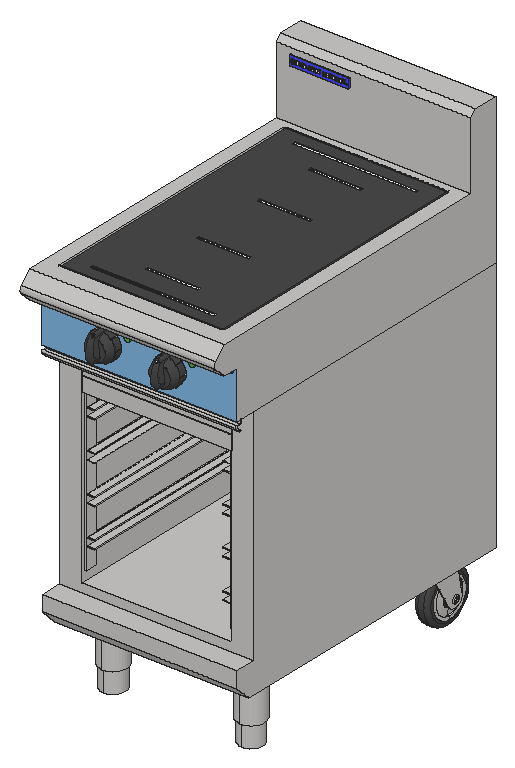
Revit family "QF_Moffat_IN512F-CB_Induction_Cooktop_cat", category Specialty Equipment, Revit 2019
Family settings
  Round Connector Dimension = Use Diameter
  Part Type = Normal
  Work Plane-Based = No
  Always vertical = Yes
  Cut with Voids When Loaded = No
  Shared = No
  Room Calculation Point = No
Parameters (values of type "IN512F-CB")
  Weight in Kilograms = 88
  Watts = 5810 W
  Volts = 415 V
  URL Cutsheet = ""
  Specification by User = ""
  Specification by Manufacturer = ""
  Show Logo [instance] = yes
  Show Legs [instance] = not(Show Castors)  # no
  Show Castors [instance] = yes
  Serial Number = ""
  Seismic Rating = ""
  SMACNA No = ""
  Revision Code = ""
  Phase = 3
  Number of Poles = 1
  NAFEM Spec ID Number = ""
  Model = "IN512F-CB"
  Min Ckt Ampacity = 0 A
  Max Overcurrent Protection = 0 A
  Masterspec = ""
  Manufacturer = "Moffat"
  Length = 450 mm
  Item Number = ""
  Installed By = ""
  Identify Quantity as Lot = yes
  Height = 1085 mm
  HP = ""
  Furnished By = ""
  Foodservice Equipment Identifier = yes
  FL Amps = 14 A
  Electrical Remarks = ""
  Electric Connection Type = ""
  Elec Conn RI Height = 0 mm
  Elec Conn Connection Height = 0 mm
  Description = "Induction Cooktop"
  Depth = 812.2 mm
  Cycle = 60 Hz
  Conn Plug = ""
  Conn Conduit = yes
  CSI MasterFormat = ""
  Apparent Power = if(Phase = 3, Volts * FL Amps * 1.73, Volts * FL Amps)  # 10051.3 VA
Reference planes
  plane 1 "BACK": y = 0
  plane 2: z = 0
  plane 3 "LEFT": x = 0
  plane 4 "RIGHT": x = 450
  plane 5 "FRONT": y = -812.2
  plane 6 "TOP": z = 1085
  plane 7 "Center Y": x = 225
  plane 8 "Center X": y = -406.1
  plane 9: x = 65.5
  plane 10: x = 384.5
  plane 11: y = -30
  plane 12: x = 320
  plane 13: z = 635
  plane 14: y = -100
  plane 15: y = -625
  plane 16: z = 150
Forms (mm)
  Extrusion 1, solid, material "QF_Metal_Stainless_Polished"
    sketch origin (0, 0, 560) x (0, 1, 0) y (0, 0, 1)
      loop
        line (0, 180) -> (0, 525) -> (-57, 525) -> (-70, 512) -> (-70, 354.5) -> (-784.171, 354.5) -> (-808.685, 329.985)
        arc (-808.685, 329.985) -> (-812.2, 321.5) -> (-808.685, 313.015) r 12
        line (-808.685, 313.015) -> (-785.171, 289.5) -> (-749, 289.5) -> (-749, 180) -> (0, 180)
    from 0 to 450
  Extrusion 2, void
    sketch origin (0, -784.171, 914.5) x (0, 1, 0) y (-1, 0, 0)
      loop
        arc (696.671, -39.5) -> (694.913, -35.257) -> (690.671, -33.5) r 6
        line (690.671, -33.5) -> (44.671, -33.5)
        arc (44.671, -33.5) -> (40.428, -35.257) -> (38.671, -39.5) r 6
        line (38.671, -39.5) -> (38.671, -410.5)
        arc (38.671, -410.5) -> (40.428, -414.743) -> (44.671, -416.5) r 6
        line (44.671, -416.5) -> (690.671, -416.5)
        arc (690.671, -416.5) -> (694.913, -414.743) -> (696.671, -410.5) r 6
        line (696.671, -410.5) -> (696.671, -39.5)
    from 0 to -9.5
  Extrusion 3, solid, material "QF_Plastic_White_Smooth"
    sketch origin (0, -784.171, 905) x (0, 1, 0) y (-1, 0, 0)
      loop
        line (663.271, -82.5) -> (657.271, -82.5) -> (657.271, -367.5) -> (663.271, -367.5) -> (663.271, -82.5)
      loop
        line (605.671, -165) -> (599.671, -165) -> (599.671, -285) -> (605.671, -285) -> (605.671, -165)
      loop
        line (459.171, -165) -> (453.171, -165) -> (453.171, -285) -> (459.171, -285) -> (459.171, -165)
      loop
        line (282.171, -165) -> (276.171, -165) -> (276.171, -285) -> (282.171, -285) -> (282.171, -165)
      loop
        line (135.671, -165) -> (129.671, -165) -> (129.671, -285) -> (135.671, -285) -> (135.671, -165)
      loop
        line (78.071, -82.5) -> (72.071, -82.5) -> (72.071, -367.5) -> (78.071, -367.5) -> (78.071, -82.5)
    from 0 to 9.5
  Extrusion 4, solid, material "QF_Plastic_Black_Smooth"
    sketch origin (0, -784.171, 914.5) x (0, 1, 0) y (-1, 0, 0)
      loop
        line (692.671, -410.5) -> (692.671, -39.5)
        arc (692.671, -39.5) -> (692.085, -38.086) -> (690.671, -37.5) r 2
        line (690.671, -37.5) -> (44.671, -37.5)
        arc (44.671, -37.5) -> (43.256, -38.086) -> (42.671, -39.5) r 2
        line (42.671, -39.5) -> (42.671, -410.5)
        arc (42.671, -410.5) -> (43.256, -411.914) -> (44.671, -412.5) r 2
        line (44.671, -412.5) -> (690.671, -412.5)
        arc (690.671, -412.5) -> (692.085, -411.914) -> (692.671, -410.5) r 2
      loop
        line (663.271, -367.5) -> (663.271, -82.5) -> (657.271, -82.5) -> (657.271, -367.5) -> (663.271, -367.5)
      loop
        line (605.671, -285) -> (605.671, -165) -> (599.671, -165) -> (599.671, -285) -> (605.671, -285)
      loop
        line (459.171, -285) -> (459.171, -165) -> (453.171, -165) -> (453.171, -285) -> (459.171, -285)
      loop
        line (282.171, -285) -> (282.171, -165) -> (276.171, -165) -> (276.171, -285) -> (282.171, -285)
      loop
        line (135.671, -285) -> (135.671, -165) -> (129.671, -165) -> (129.671, -285) -> (135.671, -285)
      loop
        line (78.071, -367.5) -> (78.071, -82.5) -> (72.071, -82.5) -> (72.071, -367.5) -> (78.071, -367.5)
    from 0 to -9.5
  Extrusion 5, solid, material "QF_Metal_Stainless_Polished"
    sketch origin (0, 0, 600) x (0, 1, 0) y (0, 0, 1)
      loop
        line (-737.8, 140) -> (-737.8, 130) -> (-747.305, 130)
        arc (-747.305, 130) -> (-750.276, 128.015) -> (-749.579, 124.511) r 3.215
        line (-749.579, 124.511) -> (-739.05, 113.982) -> (-737.919, 115.113) -> (-748.447, 125.642)
        arc (-748.447, 125.642) -> (-748.797, 127.403) -> (-747.305, 128.4) r 1.615
        line (-747.305, 128.4) -> (-736.2, 128.4) -> (-736.2, 140) -> (-737.8, 140)
    from 0 to 450
  Extrusion 6, solid, material "QF_Plastic_Black_Smooth"
    sketch origin (0, -749, 741.875) x (0, 0, 1) y (-1, 0, 0)
      loop
        circle (99.343, -13.157) r 5
      loop
        circle (99.343, -436.843) r 5
      loop
        circle (99.343, -150) r 5
      loop
        circle (99.343, -300) r 5
    from 0 to 1.6
  Extrusion 7, solid, material "QF_Metal_Stainless_Polished"
    sketch origin (0, -699, 640) x (0, 1, 0) y (1, 0, 0)
      loop
        circle (669, 320) r 6.35
    from 0 to 1.6
  Extrusion 8, solid, material "QF_Metal_Stainless_Polished"
    sketch origin (0, -699, 645) x (1, 0, 0) y (0, -1, 0)
      loop
        line (0, -699) -> (450, -699) -> (450, 0) -> (399.2, 0) -> (399.2, -25.4) -> (50.8, -25.4) -> (50.8, 0) -> (0, 0) -> (0, -699)
    from 5 to -95
  Extrusion 9, solid, material "QF_Metal_Stainless_Polished"
    sketch origin (50.8, -30, 645) x (0, 1, 0) y (0, 0, 1)
      loop
        line (-669, -5) -> (-643.6, -5) -> (-643.6, 27.7) -> (-669, 27.7) -> (-669, -5)
      loop
        line (-669, 28.7) -> (-643.6, 28.7) -> (-643.6, 61.4) -> (-669, 61.4) -> (-669, 28.7)
      loop
        line (-669, 62.4) -> (-643.6, 62.4) -> (-643.6, 95) -> (-669, 95) -> (-669, 62.4)
    from 0 to 348.4
  Revolve 10, solid, material "QF_Metal_Stainless_Polished"
    sketch origin (65.5, -4572, 255.2) x (0, 0, -1) y (0, -1, 0)
      loop
        line (255.2, -3974.5) -> (255.2, -3947) -> (105.2, -3947) -> (105.2, -3978.75) -> (205.2, -3978.75) -> (205.2, -3974.5) -> (255.2, -3974.5)
      axis (105.2, -3947) -> (255.2, -3947)
    angle from 0 to 360
  Revolve 11, solid, material "QF_Metal_Stainless_Polished"
    sketch origin (384.5, -4572, 255.2) x (0, 0, -1) y (0, 1, 0)
      loop
        line (255.2, 3974.5) -> (205.2, 3974.5) -> (205.2, 3978.75) -> (105.2, 3978.75) -> (105.2, 3947) -> (255.2, 3947) -> (255.2, 3974.5)
      axis (105.2, 3947) -> (255.2, 3947)
    angle from 0 to 360
  Extrusion 12, solid, material "QF_Metal_Stainless_Polished"
    sketch origin (0, 0, 0) x (0, 1, 0) y (0, 0, 1)
      loop
        line (-50.8, 150) -> (-50.8, 242.5) -> (-699, 242.5) -> (-699, 222.5) -> (-747.95, 222.5) -> (-747.95, 186) -> (-711.95, 150) -> (-50.8, 150)
    from 0 to 450
  Extrusion 13, solid, material "QF_Metal_Stainless_Polished"
    sketch origin (-6096, 120, 150) x (0, 1, 0) y (-1, 0, 0)
      loop
        line (-120, -6096) -> (-819, -6096) -> (-819, -6146.8) -> (-170.8, -6146.8) -> (-170.8, -6495.2) -> (-819, -6495.2) -> (-819, -6546) -> (-120, -6546) -> (-120, -6096)
    from 0 to 490
  Extrusion 14, solid, material "QF_Metal_Stainless_Polished"
    sketch origin (50.8, -50.8, 460) x (0, 0, 1) y (1, 0, 0)
      loop
        line (127.5, 25.4) -> (127.5, 6.4) -> (147.5, 6.4) -> (147.5, 25.4) -> (145.9, 25.4) -> (145.9, 8) -> (129.1, 8) -> (129.1, 25.4) -> (127.5, 25.4)
      loop
        line (37.5, 25.4) -> (37.5, 6.4) -> (57.5, 6.4) -> (57.5, 25.4) -> (55.9, 25.4) -> (55.9, 8) -> (39.1, 8) -> (39.1, 25.4) -> (37.5, 25.4)
      loop
        line (-52.5, 25.4) -> (-52.5, 6.4) -> (-32.5, 6.4) -> (-32.5, 25.4) -> (-34.1, 25.4) -> (-34.1, 8) -> (-50.9, 8) -> (-50.9, 25.4) -> (-52.5, 25.4)
      loop
        line (-142.5, 25.4) -> (-142.5, 6.4) -> (-122.5, 6.4) -> (-122.5, 25.4) -> (-124.1, 25.4) -> (-124.1, 8) -> (-140.9, 8) -> (-140.9, 25.4) -> (-142.5, 25.4)
    from 0 to -641.85
  Extrusion 15, solid, material "QF_Metal_Stainless_Polished"
    sketch origin (50.8, 44.437, 150) x (0, 1, 0) y (0, 0, 1)
      loop
        line (-95.237, 488.4) -> (-120.637, 488.4) -> (-120.637, 117.5) -> (-95.237, 117.5) -> (-95.237, 488.4)
      loop
        line (-709.687, 117.5) -> (-709.687, 490) -> (-737.087, 490) -> (-737.087, 117.5) -> (-709.687, 117.5)
    from 0 to 6.4
  Extrusion 16, solid, material "QF_Metal_Stainless_Polished"
    sketch origin (50.8, -50.8, 460) x (0, 0, 1) y (1, 0, 0)
      loop
        line (127.5, 323) -> (129.1, 323) -> (129.1, 340.4) -> (145.9, 340.4) -> (145.9, 323) -> (147.5, 323) -> (147.5, 342) -> (127.5, 342) -> (127.5, 323)
      loop
        line (37.5, 323) -> (39.1, 323) -> (39.1, 340.4) -> (55.9, 340.4) -> (55.9, 323) -> (57.5, 323) -> (57.5, 342) -> (37.5, 342) -> (37.5, 323)
      loop
        line (-52.5, 323) -> (-50.9, 323) -> (-50.9, 340.4) -> (-34.1, 340.4) -> (-34.1, 323) -> (-32.5, 323) -> (-32.5, 342) -> (-52.5, 342) -> (-52.5, 323)
      loop
        line (-142.5, 323) -> (-140.9, 323) -> (-140.9, 340.4) -> (-124.1, 340.4) -> (-124.1, 323) -> (-122.5, 323) -> (-122.5, 342) -> (-142.5, 342) -> (-142.5, 323)
    from 0 to -641.85
  Extrusion 17, solid, material "QF_Metal_Stainless_Polished"
    sketch origin (399.2, 44.437, 150) x (0, 1, 0) y (0, 0, -1)
      loop
        line (-95.237, -488.4) -> (-95.237, -117.5) -> (-120.637, -117.5) -> (-120.637, -488.4) -> (-95.237, -488.4)
      loop
        line (-709.687, -117.5) -> (-737.087, -117.5) -> (-737.087, -490) -> (-709.687, -490) -> (-709.687, -117.5)
    from 0 to 6.4
  Revolve 18, solid, material "QF_Metal_Stainless_Polished", visible <- "Show Legs"
    sketch origin (65.5, -4047, 255.2) x (0, 0, -1) y (0, -1, 0)
      loop
        line (255.2, -3974.5) -> (255.2, -3947) -> (105.2, -3947) -> (105.2, -3978.75) -> (205.2, -3978.75) -> (205.2, -3974.5) -> (255.2, -3974.5)
      axis (105.2, -3947) -> (255.2, -3947)
    angle from 0 to 360
  Revolve 19, solid, material "QF_Metal_Stainless_Polished", visible <- "Show Legs"
    sketch origin (384.5, -4047, 255.2) x (0, 0, -1) y (0, 1, 0)
      loop
        line (255.2, 3974.5) -> (205.2, 3974.5) -> (205.2, 3978.75) -> (105.2, 3978.75) -> (105.2, 3947) -> (255.2, 3947) -> (255.2, 3974.5)
      axis (105.2, 3947) -> (255.2, 3947)
    angle from 0 to 360
  Extrusion 20, solid, material "QF_Paint_Green"
    sketch origin (65.731, -749, 740) x (0, 0, 1) y (-1, 0, 0)
      loop
        circle (84.8, -282.5) r 7.15
    from 0 to 1.6
  Extrusion 21, solid, material "QF_Paint_Green"
    sketch origin (-84.269, -749, 740) x (0, 0, 1) y (-1, 0, 0)
      loop
        circle (84.8, -282.5) r 7.15
    from 0 to 1.6
Cuts and joins
  Extrusion 2 cuts Extrusion 1
  joined: Revolve 10, Revolve 11
  joined: Extrusion 8, Extrusion 12, Extrusion 13
Lines and regions (mm)
  symbolic lines
    curve 1: line (0, 0, 0) -> (450, 0, 0)
    curve 2: line (0, -812.2, 0) -> (0, 0, 0)
    curve 3: line (450, -812.2, 0) -> (0, -812.2, 0)
    curve 4: line (450, 0, 0) -> (450, -812.2, 0)
    curve 5: line (0, -784.171, 0) -> (450, -784.171, 0)
    curve 6: line (0, -57, 0) -> (450, -57, 0)
    curve 7: line (0, -70, 0) -> (450, -70, 0)
    curve 8: line (39.5, -87.5, 0) -> (410.5, -87.5, 0)
    curve 9: arc (410.5, -87.5, 0) -> (414.743, -89.257, 0) -> (416.5, -93.5, 0) r 6
    curve 10: line (416.5, -93.5, 0) -> (416.5, -739.5, 0)
    curve 11: arc (416.5, -739.5, 0) -> (414.743, -743.743, 0) -> (410.5, -745.5, 0) r 6
    curve 12: line (410.5, -745.5, 0) -> (39.5, -745.5, 0)
    curve 13: arc (39.5, -745.5, 0) -> (35.257, -743.743, 0) -> (33.5, -739.5, 0) r 6
    curve 14: line (33.5, -739.5, 0) -> (33.5, -93.5, 0)
    curve 15: arc (33.5, -93.5, 0) -> (35.257, -89.257, 0) -> (39.5, -87.5, 0) r 6
    curve 16: line (410.5, -91.5, 0) -> (39.5, -91.5, 0)
    curve 17: arc (39.5, -91.5, 0) -> (38.086, -92.086, 0) -> (37.5, -93.5, 0) r 2
    curve 18: line (37.5, -93.5, 0) -> (37.5, -739.5, 0)
    curve 19: arc (37.5, -739.5, 0) -> (38.086, -740.914, 0) -> (39.5, -741.5, 0) r 2
    curve 20: line (39.5, -741.5, 0) -> (410.5, -741.5, 0)
    curve 21: arc (410.5, -741.5, 0) -> (411.914, -740.914, 0) -> (412.5, -739.5, 0) r 2
    curve 22: line (412.5, -739.5, 0) -> (412.5, -93.5, 0)
    curve 23: arc (412.5, -93.5, 0) -> (411.914, -92.086, 0) -> (410.5, -91.5, 0) r 2
    curve 24: line (82.5, -120.9, 0) -> (367.5, -120.9, 0)
    curve 25: line (367.5, -120.9, 0) -> (367.5, -126.9, 0)
    curve 26: line (367.5, -126.9, 0) -> (82.5, -126.9, 0)
    curve 27: line (82.5, -126.9, 0) -> (82.5, -120.9, 0)
    curve 28: line (165, -178.5, 0) -> (285, -178.5, 0)
    curve 29: line (285, -178.5, 0) -> (285, -184.5, 0)
    curve 30: line (285, -184.5, 0) -> (165, -184.5, 0)
    curve 31: line (165, -184.5, 0) -> (165, -178.5, 0)
    curve 32: line (165, -325, 0) -> (285, -325, 0)
    curve 33: line (285, -325, 0) -> (285, -331, 0)
    curve 34: line (285, -331, 0) -> (165, -331, 0)
    curve 35: line (165, -331, 0) -> (165, -325, 0)
    curve 36: line (165, -502, 0) -> (285, -502, 0)
    curve 37: line (285, -502, 0) -> (285, -508, 0)
    curve 38: line (285, -508, 0) -> (165, -508, 0)
    curve 39: line (165, -508, 0) -> (165, -502, 0)
    curve 40: line (165, -648.5, 0) -> (285, -648.5, 0)
    curve 41: line (285, -648.5, 0) -> (285, -654.5, 0)
    curve 42: line (285, -654.5, 0) -> (165, -654.5, 0)
    curve 43: line (165, -654.5, 0) -> (165, -648.5, 0)
    curve 44: line (82.5, -706.1, 0) -> (367.5, -706.1, 0)
    curve 45: line (367.5, -706.1, 0) -> (367.5, -712.1, 0)
    curve 46: line (367.5, -712.1, 0) -> (82.5, -712.1, 0)
    curve 47: line (82.5, -712.1, 0) -> (82.5, -706.1, 0)
Dimensions and locks
  equal spacing: plane 3 "LEFT", plane 7 "Center Y", plane 4 "RIGHT"
  "Length": plane 3 "LEFT" to plane 4 "RIGHT"
  equal spacing: plane 5 "FRONT", plane 8 "Center X", plane 1 "BACK"
  "Depth": plane 5 "FRONT" to plane 1 "BACK"
  "Height": plane 6 "TOP" to level
  plane 9 to plane 10 = 319 mm
  plane 4 "RIGHT" to plane 3 "LEFT" = 450 mm
  plane 1 "BACK" to cut or joined group of Extrusion 1, Extrusion 2 = 70 mm
  plane 1 "BACK" to plane 5 "FRONT" = 812.2 mm
  plane 6 "TOP" to plane 2 = 1085 mm
  cut or joined group of Extrusion 1, Extrusion 2 to plane 2 = 914.5 mm
  locked: plane 12 to plane 4 "RIGHT" at 130
  plane 1 "BACK" to plane 11 = 30 mm
  plane 1 "BACK" to plane 14 to plane 15 = 100 mm, 525 mm
  plane 2 to plane 13 = 635 mm
  plane 16 to plane 2 = 150 mm
  aligned and locked: level to plane 2
Automatic sketch dimensions
  plane 1 "BACK" to curve 1 = 0 mm
  curve 1 to plane 3 "LEFT" = 0 mm
  curve 3 to plane 4 "RIGHT" = 0 mm
  plane 5 "FRONT" to curve 3 = 0 mm
  curve 3 to curve 5 = 28.029 mm
  curve 7 to plane 14 = 30 mm
  curve 7 to curve 6 = 13 mm
  Extrusion 1 sketch curve to plane 6 "TOP" = 0 mm
  Extrusion 1 sketch curve to plane 1 "BACK" = 0 mm
  plane 11 to Extrusion 1 sketch curve = 27 mm
  Extrusion 1 sketch curve to plane 6 "TOP" = 13 mm
  Extrusion 1 sketch curve to Extrusion 1 sketch curve = 13 mm
  Extrusion 1 sketch curve to plane 5 "FRONT" = 63.2 mm
  Extrusion 1 sketch curve to plane 5 "FRONT" = 28.029 mm
  Extrusion 1 sketch curve to plane 5 "FRONT" = 27.029 mm
  Extrusion 1 sketch curve to plane 5 "FRONT" = 12 mm
  Extrusion 1 sketch curve to plane 5 "FRONT" = 3.515 mm  (x2)
  Extrusion 1 sketch curve to plane 6 "TOP" = 170.5 mm
  Extrusion 1 sketch curve to Extrusion 1 sketch curve = 24.515 mm
  Extrusion 1 sketch curve to Extrusion 1 sketch curve = 8.485 mm
  Extrusion 1 sketch curve to Extrusion 1 sketch curve = 32 mm
  Extrusion 1 sketch curve to plane 13 = 105 mm
  Extrusion 2 sketch curve to Extrusion 1 = 38.671 mm
  Extrusion 2 sketch curve to Extrusion 2 sketch curve = 6 mm  (x3)
  Extrusion 1 to Extrusion 2 sketch curve = 23.5 mm  (x2)
  Extrusion 1 to Extrusion 2 sketch curve = 33.5 mm
  Extrusion 1 to Extrusion 2 sketch curve = 39.5 mm
  Extrusion 3 sketch curve to Extrusion 2 = 33.4 mm
  Extrusion 3 sketch curve to Extrusion 3 sketch curve = 6 mm  (x6)
  Extrusion 3 sketch curve to Extrusion 2 = 91 mm
  Extrusion 3 sketch curve to Extrusion 3 sketch curve = 140.5 mm
  Extrusion 3 sketch curve to Extrusion 3 sketch curve = 171 mm
  Extrusion 3 sketch curve to Extrusion 2 = 97 mm
  Extrusion 3 sketch curve to Extrusion 2 = 39.4 mm
  Extrusion 3 sketch curve to Extrusion 2 = 49 mm  (x4)
  Extrusion 3 sketch curve to Extrusion 3 sketch curve = 82.5 mm  (x2)
  Extrusion 3 sketch curve to Extrusion 2 = 131.5 mm  (x2)
  Extrusion 3 sketch curve to Extrusion 3 sketch curve = 120 mm  (x4)
  Extrusion 4 sketch curve to Extrusion 1 = 42.671 mm
  Extrusion 4 sketch curve to Extrusion 4 sketch curve = 2 mm  (x3)
  Extrusion 4 sketch curve to Extrusion 4 sketch curve = 27.4 mm
  Extrusion 4 sketch curve to Extrusion 4 sketch curve = 6 mm  (x6)
  Extrusion 4 sketch curve to Extrusion 4 sketch curve = 51.6 mm
  Extrusion 4 sketch curve to Extrusion 4 sketch curve = 140.5 mm
  Extrusion 4 sketch curve to Extrusion 4 sketch curve = 171 mm
  Extrusion 1 to Extrusion 4 sketch curve = 114.5 mm
  Extrusion 1 to Extrusion 4 sketch curve = 56.9 mm
  Extrusion 1 to Extrusion 4 sketch curve = 23.5 mm  (x2)
  Extrusion 1 to Extrusion 4 sketch curve = 37.5 mm
  Extrusion 4 sketch curve to Extrusion 4 sketch curve = 43 mm  (x2)
  Extrusion 1 to Extrusion 4 sketch curve = 165 mm
  Extrusion 4 sketch curve to Extrusion 4 sketch curve = 82.5 mm  (x2)
  Extrusion 4 sketch curve to Extrusion 4 sketch curve = 0 mm
  Extrusion 4 sketch curve to Extrusion 4 sketch curve = 120 mm  (x4)
  Extrusion 1 to Extrusion 4 sketch curve = 82.5 mm  (x2)
  Extrusion 1 to Extrusion 4 sketch curve = 39.5 mm
  Extrusion 5 sketch curve to Extrusion 5 sketch curve = 0 mm  (x2)
  Extrusion 5 sketch curve to plane 5 "FRONT" = 62.621 mm
  Extrusion 5 sketch curve to Extrusion 5 sketch curve = 1.131 mm  (x3)
  Extrusion 5 sketch curve to Extrusion 5 sketch curve = 1.142 mm  (x2)
  Extrusion 5 sketch curve to Extrusion 5 sketch curve = 10.529 mm
  Extrusion 5 sketch curve to Extrusion 5 sketch curve = 9.505 mm
  Extrusion 5 sketch curve to Extrusion 5 sketch curve = 1.6 mm
  Extrusion 5 sketch curve to plane 13 = 78.982 mm
  Extrusion 5 sketch curve to Extrusion 5 sketch curve = 10 mm
  Extrusion 8 to Extrusion 7 sketch curve = 30 mm
  Extrusion 7 sketch curve to Extrusion 8 = 79.2 mm
  plane 1 "BACK" to Extrusion 8 sketch curve = 0 mm
  Extrusion 8 sketch curve to plane 3 "LEFT" = 0 mm
  Extrusion 8 sketch curve to plane 4 "RIGHT" = 0 mm
  plane 9 to Extrusion 8 sketch curve = 14.7 mm
  Extrusion 8 sketch curve to plane 10 = 14.7 mm
  plane 15 to Extrusion 8 sketch curve = 48.6 mm
  Extrusion 8 sketch curve to Extrusion 8 sketch curve = 25.4 mm  (x2)
  Extrusion 9 sketch curve to Extrusion 8 = 0 mm  (x8)
  Extrusion 8 to Extrusion 9 sketch curve = 32.7 mm
  Extrusion 9 sketch curve to Extrusion 9 sketch curve = 1 mm  (x2)
  Extrusion 9 sketch curve to Extrusion 9 sketch curve = 32.7 mm
  Revolve 10 sketch curve to plane 15 = 0 mm  (x2)
  Revolve 10 sketch curve to plane 16 = 0 mm
  Revolve 10 sketch curve to level = 0 mm  (x2)
  level to Revolve 10 sketch curve = 50 mm
  Revolve 10 sketch curve to Revolve 10 sketch curve = 27.5 mm
  Revolve 10 sketch curve to Revolve 10 sketch curve = 31.75 mm
  Revolve 10 sketch curve to Revolve 10 sketch curve = 25 mm
  Revolve 11 sketch curve to plane 15 = 0 mm  (x2)
  Revolve 11 sketch curve to plane 16 = 0 mm
  Revolve 11 sketch curve to level = 0 mm  (x2)
  level to Revolve 11 sketch curve = 50 mm
  Revolve 11 sketch curve to plane 15 = 27.5 mm
  Revolve 11 sketch curve to Revolve 11 sketch curve = 4.25 mm
  Revolve 11 sketch curve to Revolve 11 sketch curve = 25 mm
  Extrusion 12 sketch curve to plane 16 = 0 mm
  Extrusion 12 sketch curve to plane 5 "FRONT" = 64.25 mm
  Extrusion 12 sketch curve to Extrusion 12 sketch curve = 36 mm
  Extrusion 12 sketch curve to Extrusion 12 sketch curve = 48.95 mm
  plane 11 to Extrusion 12 sketch curve = 20.8 mm
  plane 16 to Extrusion 12 sketch curve = 36 mm
  Extrusion 12 sketch curve to Extrusion 12 sketch curve = 36.5 mm
  plane 16 to Extrusion 12 sketch curve = 92.5 mm
  Extrusion 13 sketch curve to plane 4 "RIGHT" = 0 mm
  Extrusion 13 sketch curve to plane 3 "LEFT" = 0 mm
  plane 1 "BACK" to Extrusion 13 sketch curve = 0 mm
  plane 11 to Extrusion 13 sketch curve = 20.8 mm
  Extrusion 13 sketch curve to plane 10 = 14.7 mm
  plane 15 to Extrusion 13 sketch curve = 74 mm  (x2)
  plane 9 to Extrusion 13 sketch curve = 14.7 mm
  Extrusion 15 to Extrusion 14 sketch curve = 0 mm  (x4)
  Extrusion 14 sketch curve to Extrusion 15 = 19 mm  (x4)
  Extrusion 15 to Extrusion 14 sketch curve = 50 mm
  Extrusion 14 sketch curve to Extrusion 14 sketch curve = 1.6 mm  (x8)
  Extrusion 14 sketch curve to Extrusion 15 = 1.6 mm  (x4)
  Extrusion 14 sketch curve to Extrusion 14 sketch curve = 16.8 mm  (x4)
  Extrusion 14 sketch curve to Extrusion 14 sketch curve = 70 mm  (x2)
  Extrusion 14 sketch curve to Extrusion 15 = 50.9 mm
  Extrusion 14 sketch curve to Extrusion 14 sketch curve = 17.4 mm  (x3)
  Extrusion 14 sketch curve to Extrusion 14 sketch curve = 0 mm
  Extrusion 13 to Extrusion 15 sketch curve = 0 mm
  Extrusion 15 sketch curve to Extrusion 13 = 0 mm
  Extrusion 15 sketch curve to Extrusion 13 = 25.4 mm
  Extrusion 13 to Extrusion 15 sketch curve = 33.75 mm
  Extrusion 13 to Extrusion 15 sketch curve = 6.35 mm
  Extrusion 13 to Extrusion 15 sketch curve = 1.6 mm
  Extrusion 13 to Extrusion 15 sketch curve = 117.5 mm  (x2)
  Extrusion 15 to Extrusion 16 sketch curve = 50 mm
  Extrusion 16 sketch curve to Extrusion 16 sketch curve = 1.6 mm  (x12)
  Extrusion 16 sketch curve to Extrusion 16 sketch curve = 16.8 mm  (x4)
  Extrusion 16 sketch curve to Extrusion 16 sketch curve = 70 mm  (x2)
  Extrusion 16 sketch curve to Extrusion 15 = 50.9 mm
  Extrusion 16 sketch curve to Extrusion 15 = 316.6 mm
  Extrusion 16 sketch curve to Extrusion 16 sketch curve = 0 mm  (x7)
  Extrusion 16 sketch curve to Extrusion 16 sketch curve = 17.4 mm  (x4)
  plane 15 to Extrusion 17 sketch curve = 67.65 mm
  Extrusion 17 sketch curve to plane 13 = 5 mm
  Extrusion 17 sketch curve to Extrusion 17 sketch curve = 27.4 mm
  Extrusion 17 sketch curve to plane 13 = 3.4 mm
  Extrusion 17 sketch curve to plane 14 = 23.8 mm
  plane 11 to Extrusion 17 sketch curve = 20.8 mm
  plane 16 to Extrusion 17 sketch curve = 117.5 mm  (x2)
  Revolve 18 sketch curve to plane 14 = 0 mm  (x2)
  Revolve 18 sketch curve to plane 16 = 0 mm
  Revolve 18 sketch curve to level = 0 mm  (x2)
  level to Revolve 18 sketch curve = 50 mm
  Revolve 18 sketch curve to Revolve 18 sketch curve = 27.5 mm
  Revolve 18 sketch curve to Revolve 18 sketch curve = 31.75 mm
  Revolve 18 sketch curve to Revolve 18 sketch curve = 25 mm
  Revolve 19 sketch curve to plane 14 = 0 mm  (x2)
  Revolve 19 sketch curve to plane 16 = 0 mm
  Revolve 19 sketch curve to level = 0 mm  (x2)
  level to Revolve 19 sketch curve = 50 mm
  Revolve 19 sketch curve to plane 14 = 27.5 mm
  Revolve 19 sketch curve to Revolve 19 sketch curve = 4.25 mm
  Revolve 19 sketch curve to Revolve 19 sketch curve = 25 mm
  Extrusion 1 to Extrusion 20 sketch curve = 24.7 mm
  Extrusion 1 to Extrusion 20 sketch curve = 101.769 mm
  Extrusion 1 to Extrusion 21 sketch curve = 24.7 mm
  Extrusion 1 to Extrusion 21 sketch curve = 198.231 mm
  curve 14 to plane 14 = 6.5 mm
  plane 9 to curve 14 = 32 mm
  curve 14 to curve 15 = 6 mm
  curve 13 to curve 13 = 6 mm
  curve 9 to plane 14 = 6.5 mm
  curve 9 to plane 10 = 26 mm
  curve 12 to curve 10 = 6 mm
  curve 5 to curve 12 = 38.671 mm
  curve 9 to curve 23 = 0 mm  (x2)
  curve 11 to curve 21 = 0 mm  (x2)
  curve 13 to curve 19 = 0 mm  (x2)
  curve 15 to curve 17 = 0 mm
  curve 18 to curve 15 = 2 mm
  curve 27 to plane 9 = 17 mm
  plane 10 to curve 26 = 17 mm
  plane 14 to curve 25 = 26.9 mm
  curve 26 to curve 24 = 6 mm
  curve 30 to plane 7 "Center Y" = 60 mm
  plane 12 to curve 30 = 35 mm
  plane 14 to curve 30 = 84.5 mm
  curve 30 to curve 31 = 6 mm
  curve 35 to plane 7 "Center Y" = 60 mm
  plane 12 to curve 32 = 35 mm
  plane 8 "Center X" to curve 34 = 75.1 mm
  curve 34 to curve 35 = 6 mm
  curve 38 to plane 7 "Center Y" = 60 mm
  plane 12 to curve 36 = 35 mm
  curve 39 to plane 8 "Center X" = 101.9 mm
  curve 37 to curve 37 = 6 mm
  plane 15 to curve 40 = 23.5 mm
  curve 40 to plane 7 "Center Y" = 60 mm
  plane 12 to curve 42 = 35 mm
  curve 43 to curve 40 = 6 mm
  curve 44 to plane 9 = 17 mm
  plane 10 to curve 45 = 17 mm
  curve 13 to curve 47 = 27.4 mm
  curve 45 to curve 45 = 6 mm
  Extrusion 1 to Extrusion 6 sketch curve = 8.282 mm  (x4)
  Extrusion 1 to Extrusion 6 sketch curve = 13.157 mm  (x2)
  Extrusion 6 sketch curve to Extrusion 6 sketch curve = 136.843 mm
  Extrusion 1 to Extrusion 6 sketch curve = 150 mm
  radius of Extrusion 7 sketch curve = 6.35 mm
  radius of Extrusion 20 sketch curve = 7.15 mm
  radius of Extrusion 21 sketch curve = 7.15 mm
  radius of Extrusion 6 sketch curve = 5 mm  (x4)
Nested families
  nested 1: "QF_LOGO_BLue Seal" at (32, -70, 1034.385), visible <- "Show Logo", type "QF_LOGO_BLue Seal"
  nested 2: "6 INCHES 02_CASTER" at (65.5, -100, 0), Show Casters <- "Show Castors", type "6 INCHES 02_CASTER"
    with Type Mark "", Specification by User "", Show Casters yes, Revision Code "", Item Number "", Installed By "", Identify Quantity as Lot yes, Furnished By "", Foodservice Equipment Identifier yes
  nested 3: "6 INCHES 02_CASTER" at (384.5, -100, 0), Show Casters <- "Show Castors", type "6 INCHES 02_CASTER"
    with Type Mark "", Specification by User "", Show Casters yes, Revision Code "", Item Number "", Installed By "", Identify Quantity as Lot yes, Furnished By "", Foodservice Equipment Identifier yes
  nested 4: "Knob" at (267.5, -739.5, 764.5), type "Knob"
  nested 5: "Knob" at (117.5, -739.5, 764.5), type "Knob"
Connectors
  electrical at (320, -30, 638.4), driven by "Volts", driven by "Watts"
    settings: on Extrusion 7, index 1, voltage 415 V, apparent load 5810 VA, apparent load phase1 0 VA, apparent load phase2 0 VA, apparent load phase3 0 VA, power factor 1, load classification "Other", number of poles 1, system type 30, power factor state 1, is connector primary yes, connector utility no, sub classification motor no, connector description "Electrical Connection"
Definition of nested family "QF_LOGO_BLue Seal"
  Parameters (values of type "QF_LOGO_BLue Seal")
    Weight in Pounds = 0
    URL Cutsheet = ""
    Specification by User = ""
    Specification by Manufacturer = ""
    Serial Number = ""
    Seismic Rating = ""
    SMACNA No = ""
    Revision Code = ""
    NAFEM Spec ID Number = ""
    Masterspec = ""
    Length = 138 mm
    Item Number = ""
    Installed By = ""
    Identify Quantity as Lot = yes
    Height = 23 mm
    Furnished By = ""
    Foodservice Equipment Identifier = yes
    Depth = 3.175 mm
    CSI MasterFormat = ""
  Reference planes
    plane 1 "BACK": y = 0
    plane 2: z = 0
    plane 3 "LEFT": x = 0
    plane 4 "RIGHT": x = 138
    plane 5 "FRONT": y = -3.175
    plane 6 "TOP": z = 23
    plane 7 "Center Y": x = 69
    plane 8 "Center X": y = -1.587
  Forms (mm)
    Extrusion 1, solid
      sketch origin (0, 0, 0) x (1, 0, 0) y (0, 0, 1)
        loop
          arc (2, 23) -> (0.586, 22.414) -> (0, 21) r 2
          line (0, 21) -> (0, 2)
          arc (0, 2) -> (0.586, 0.586) -> (2, 0) r 2
          line (2, 0) -> (136, 0)
          arc (136, 0) -> (137.414, 0.586) -> (138, 2) r 2
          line (138, 2) -> (138, 21)
          arc (138, 21) -> (137.414, 22.414) -> (136, 23) r 2
          line (136, 23) -> (2, 23)
        loop
          arc (16.625, 15.317) -> (15.943, 15.034) -> (15.66, 14.352) r 0.965
          line (15.66, 14.352) -> (15.66, 8.169)
          arc (15.66, 8.169) -> (15.953, 7.461) -> (16.66, 7.169) r 1
          line (16.66, 7.169) -> (27.958, 7.169)
          arc (27.958, 7.169) -> (29.995, 9.206) -> (27.958, 11.243) r 2.037
          arc (27.958, 11.243) -> (29.995, 13.28) -> (27.958, 15.317) r 2.037
          line (27.958, 15.317) -> (16.625, 15.317)
        loop
          line (21.163, 13.835) -> (21.163, 12.291) -> (23.596, 12.291)
          arc (23.596, 12.291) -> (24.368, 13.063) -> (23.596, 13.835) r 0.772
          line (23.596, 13.835) -> (21.163, 13.835)
        loop
          line (21.163, 8.544) -> (23.596, 8.544)
          arc (23.596, 8.544) -> (24.368, 9.316) -> (23.596, 10.089) r 0.772
          line (23.596, 10.089) -> (21.163, 10.089) -> (21.163, 8.544)
        loop
          arc (32.475, 15.317) -> (31.768, 15.024) -> (31.475, 14.317) r 1
          line (31.475, 14.317) -> (31.475, 8.169)
          arc (31.475, 8.169) -> (31.768, 7.461) -> (32.475, 7.169) r 1
          line (32.475, 7.169) -> (41.849, 7.169)
          arc (41.849, 7.169) -> (42.859, 8.178) -> (41.849, 9.188) r 1.01
          line (41.849, 9.188) -> (37.262, 9.188) -> (37.262, 14.317)
          arc (37.262, 14.317) -> (36.969, 15.024) -> (36.262, 15.317) r 1
          line (36.262, 15.317) -> (32.475, 15.317)
        loop
          arc (44.648, 15.317) -> (43.941, 15.024) -> (43.648, 14.317) r 1
          line (43.648, 14.317) -> (43.648, 9.124)
          arc (43.648, 9.124) -> (44.221, 7.741) -> (45.604, 7.169) r 1.956
          line (45.604, 7.169) -> (55.306, 7.169)
          arc (55.306, 7.169) -> (56.749, 7.766) -> (57.347, 9.209) r 2.04
          line (57.347, 9.209) -> (57.347, 14.358)
          arc (57.347, 14.358) -> (57.066, 15.036) -> (56.388, 15.317) r 0.959
          line (56.388, 15.317) -> (52.676, 15.317)
          arc (52.676, 15.317) -> (51.968, 15.024) -> (51.676, 14.317) r 1
          line (51.676, 14.317) -> (51.676, 10.17)
          arc (51.676, 10.17) -> (50.529, 9.024) -> (49.383, 10.17) r 1.146
          line (49.383, 10.17) -> (49.383, 14.317)
          arc (49.383, 14.317) -> (49.09, 15.024) -> (48.383, 15.317) r 1
          line (48.383, 15.317) -> (44.648, 15.317)
        loop
          arc (60.035, 15.317) -> (59.328, 15.024) -> (59.035, 14.317) r 1
          line (59.035, 14.317) -> (59.035, 8.169)
          arc (59.035, 8.169) -> (59.328, 7.461) -> (60.035, 7.169) r 1
          line (60.035, 7.169) -> (69.845, 7.169)
          arc (69.845, 7.169) -> (70.828, 8.152) -> (69.845, 9.135) r 0.983
          line (69.845, 9.135) -> (65.06, 9.135) -> (65.06, 10.415) -> (69.988, 10.415)
          arc (69.988, 10.415) -> (70.828, 11.255) -> (69.988, 12.095) r 0.84
          line (69.988, 12.095) -> (65.06, 12.095) -> (65.06, 13.215) -> (69.777, 13.215)
          arc (69.777, 13.215) -> (70.828, 14.266) -> (69.777, 15.317) r 1.051
          line (69.777, 15.317) -> (60.035, 15.317)
        loop
          line (77.315, 14.317) -> (77.315, 11.634)
          arc (77.315, 11.634) -> (77.608, 10.927) -> (78.315, 10.634) r 1
          line (78.315, 10.634) -> (85.957, 10.634) -> (85.957, 8.756) -> (82.871, 8.756) -> (82.871, 9.708) -> (77.315, 9.708) -> (77.315, 8.169)
          arc (77.315, 8.169) -> (77.608, 7.461) -> (78.315, 7.169) r 1
          line (78.315, 7.169) -> (90.614, 7.169)
          arc (90.614, 7.169) -> (91.321, 7.461) -> (91.614, 8.169) r 1
          line (91.614, 8.169) -> (91.614, 11.073)
          arc (91.614, 11.073) -> (91.322, 11.778) -> (90.617, 12.07) r 0.996
          line (90.617, 12.07) -> (82.871, 12.07) -> (82.871, 13.786) -> (85.957, 13.786) -> (85.957, 12.856) -> (91.614, 12.856) -> (91.614, 14.317)
          arc (91.614, 14.317) -> (91.321, 15.024) -> (90.614, 15.317) r 1
          line (90.614, 15.317) -> (78.315, 15.317)
          arc (78.315, 15.317) -> (77.608, 15.024) -> (77.315, 14.317) r 1
        loop
          arc (107.404, 15.317) -> (106.697, 15.024) -> (106.404, 14.317) r 1
          line (106.404, 14.317) -> (106.404, 8.169)
          arc (106.404, 8.169) -> (106.697, 7.461) -> (107.404, 7.169) r 1
          line (107.404, 7.169) -> (111.34, 7.169)
          arc (111.34, 7.169) -> (112.047, 7.461) -> (112.34, 8.169) r 1
          line (112.34, 8.169) -> (112.34, 9.135) -> (115.1, 9.135) -> (115.1, 8.169)
          arc (115.1, 8.169) -> (115.393, 7.461) -> (116.1, 7.169) r 1
          line (116.1, 7.169) -> (119.975, 7.169)
          arc (119.975, 7.169) -> (120.682, 7.461) -> (120.975, 8.169) r 1
          line (120.975, 8.169) -> (120.975, 14.317)
          arc (120.975, 14.317) -> (120.682, 15.024) -> (119.975, 15.317) r 1
          line (119.975, 15.317) -> (107.404, 15.317)
        loop
          arc (94.016, 15.317) -> (93.309, 15.024) -> (93.016, 14.317) r 1
          line (93.016, 14.317) -> (93.016, 8.169)
          arc (93.016, 8.169) -> (93.309, 7.461) -> (94.016, 7.169) r 1
          line (94.016, 7.169) -> (103.826, 7.169)
          arc (103.826, 7.169) -> (104.809, 8.152) -> (103.826, 9.135) r 0.983
          line (103.826, 9.135) -> (99.041, 9.135) -> (99.041, 10.415) -> (103.969, 10.415)
          arc (103.969, 10.415) -> (104.809, 11.255) -> (103.969, 12.095) r 0.84
          line (103.969, 12.095) -> (99.041, 12.095) -> (99.041, 13.215) -> (103.759, 13.215)
          arc (103.759, 13.215) -> (104.809, 14.266) -> (103.759, 15.317) r 1.051
          line (103.759, 15.317) -> (94.016, 15.317)
        loop
          line (112.34, 11.583) -> (115.1, 11.583) -> (115.1, 12.915)
          arc (115.1, 12.915) -> (114.954, 13.268) -> (114.6, 13.415) r 0.5
          line (114.6, 13.415) -> (112.84, 13.415)
          arc (112.84, 13.415) -> (112.487, 13.268) -> (112.34, 12.915) r 0.5
          line (112.34, 12.915) -> (112.34, 11.583)
        loop
          arc (123.692, 15.317) -> (122.985, 15.024) -> (122.692, 14.317) r 1
          line (122.692, 14.317) -> (122.692, 8.169)
          arc (122.692, 8.169) -> (122.985, 7.461) -> (123.692, 7.169) r 1
          line (123.692, 7.169) -> (133.067, 7.169)
          arc (133.067, 7.169) -> (134.076, 8.178) -> (133.067, 9.188) r 1.01
          line (133.067, 9.188) -> (128.479, 9.188) -> (128.479, 14.317)
          arc (128.479, 14.317) -> (128.186, 15.024) -> (127.479, 15.317) r 1
          line (127.479, 15.317) -> (123.692, 15.317)
        loop
          circle (8.135, 11.2) r 4.581
      from 0 to 3.2
    Extrusion 2, solid
      sketch origin (0, 0, 0) x (1, 0, 0) y (0, 0, 1)
        loop
          circle (8.135, 11.2) r 4.581
        loop
          line (8.289, 15.169) -> (8.289, 7.231)
          arc (8.289, 7.231) -> (12.08, 11.2) -> (8.289, 15.169) r 3.973
        loop
          arc (16.625, 15.317) -> (15.943, 15.034) -> (15.66, 14.352) r 0.965
          line (15.66, 14.352) -> (15.66, 8.169)
          arc (15.66, 8.169) -> (15.953, 7.461) -> (16.66, 7.169) r 1
          line (16.66, 7.169) -> (27.958, 7.169)
          arc (27.958, 7.169) -> (29.995, 9.206) -> (27.958, 11.243) r 2.037
          arc (27.958, 11.243) -> (29.995, 13.28) -> (27.958, 15.317) r 2.037
          line (27.958, 15.317) -> (16.625, 15.317)
        loop
          line (21.163, 12.291) -> (23.596, 12.291)
          arc (23.596, 12.291) -> (24.368, 13.063) -> (23.596, 13.835) r 0.772
          line (23.596, 13.835) -> (21.163, 13.835) -> (21.163, 12.291)
        loop
          line (23.596, 10.089) -> (21.163, 10.089) -> (21.163, 8.544) -> (23.596, 8.544)
          arc (23.596, 8.544) -> (24.368, 9.316) -> (23.596, 10.089) r 0.772
        loop
          arc (37.262, 14.317) -> (36.969, 15.024) -> (36.262, 15.317) r 1
          line (36.262, 15.317) -> (32.475, 15.317)
          arc (32.475, 15.317) -> (31.768, 15.024) -> (31.475, 14.317) r 1
          line (31.475, 14.317) -> (31.475, 8.169)
          arc (31.475, 8.169) -> (31.768, 7.461) -> (32.475, 7.169) r 1
          line (32.475, 7.169) -> (41.849, 7.169)
          arc (41.849, 7.169) -> (42.859, 8.178) -> (41.849, 9.188) r 1.01
          line (41.849, 9.188) -> (37.262, 9.188) -> (37.262, 14.317)
        loop
          arc (43.648, 9.124) -> (44.221, 7.741) -> (45.604, 7.169) r 1.956
          line (45.604, 7.169) -> (55.306, 7.169)
          arc (55.306, 7.169) -> (56.749, 7.766) -> (57.347, 9.209) r 2.04
          line (57.347, 9.209) -> (57.347, 14.358)
          arc (57.347, 14.358) -> (57.066, 15.036) -> (56.388, 15.317) r 0.959
          line (56.388, 15.317) -> (52.676, 15.317)
          arc (52.676, 15.317) -> (51.968, 15.024) -> (51.676, 14.317) r 1
          line (51.676, 14.317) -> (51.676, 10.17)
          arc (51.676, 10.17) -> (50.529, 9.024) -> (49.383, 10.17) r 1.146
          line (49.383, 10.17) -> (49.383, 14.317)
          arc (49.383, 14.317) -> (49.09, 15.024) -> (48.383, 15.317) r 1
          line (48.383, 15.317) -> (44.648, 15.317)
          arc (44.648, 15.317) -> (43.941, 15.024) -> (43.648, 14.317) r 1
          line (43.648, 14.317) -> (43.648, 9.124)
        loop
          arc (69.777, 13.215) -> (70.828, 14.266) -> (69.777, 15.317) r 1.051
          line (69.777, 15.317) -> (60.035, 15.317)
          arc (60.035, 15.317) -> (59.328, 15.024) -> (59.035, 14.317) r 1
          line (59.035, 14.317) -> (59.035, 8.169)
          arc (59.035, 8.169) -> (59.328, 7.461) -> (60.035, 7.169) r 1
          line (60.035, 7.169) -> (69.845, 7.169)
          arc (69.845, 7.169) -> (70.828, 8.152) -> (69.845, 9.135) r 0.983
          line (69.845, 9.135) -> (65.06, 9.135) -> (65.06, 10.415) -> (69.988, 10.415)
          arc (69.988, 10.415) -> (70.828, 11.255) -> (69.988, 12.095) r 0.84
          line (69.988, 12.095) -> (65.06, 12.095) -> (65.06, 13.215) -> (69.777, 13.215)
        loop
          line (82.871, 13.786) -> (85.957, 13.786) -> (85.957, 12.856) -> (91.614, 12.856) -> (91.614, 14.317)
          arc (91.614, 14.317) -> (91.321, 15.024) -> (90.614, 15.317) r 1
          line (90.614, 15.317) -> (78.315, 15.317)
          arc (78.315, 15.317) -> (77.608, 15.024) -> (77.315, 14.317) r 1
          line (77.315, 14.317) -> (77.315, 11.634)
          arc (77.315, 11.634) -> (77.608, 10.927) -> (78.315, 10.634) r 1
          line (78.315, 10.634) -> (85.957, 10.634) -> (85.957, 8.756) -> (82.871, 8.756) -> (82.871, 9.708) -> (77.315, 9.708) -> (77.315, 8.169)
          arc (77.315, 8.169) -> (77.608, 7.461) -> (78.315, 7.169) r 1
          line (78.315, 7.169) -> (90.614, 7.169)
          arc (90.614, 7.169) -> (91.321, 7.461) -> (91.614, 8.169) r 1
          line (91.614, 8.169) -> (91.614, 11.073)
          arc (91.614, 11.073) -> (91.322, 11.778) -> (90.617, 12.07) r 0.996
          line (90.617, 12.07) -> (82.871, 12.07) -> (82.871, 13.786)
        loop
          arc (103.759, 13.215) -> (104.809, 14.266) -> (103.759, 15.317) r 1.051
          line (103.759, 15.317) -> (94.016, 15.317)
          arc (94.016, 15.317) -> (93.309, 15.024) -> (93.016, 14.317) r 1
          line (93.016, 14.317) -> (93.016, 8.169)
          arc (93.016, 8.169) -> (93.309, 7.461) -> (94.016, 7.169) r 1
          line (94.016, 7.169) -> (103.826, 7.169)
          arc (103.826, 7.169) -> (104.809, 8.152) -> (103.826, 9.135) r 0.983
          line (103.826, 9.135) -> (99.041, 9.135) -> (99.041, 10.415) -> (103.969, 10.415)
          arc (103.969, 10.415) -> (104.809, 11.255) -> (103.969, 12.095) r 0.84
          line (103.969, 12.095) -> (99.041, 12.095) -> (99.041, 13.215) -> (103.759, 13.215)
        loop
          line (112.34, 12.915) -> (112.34, 11.583) -> (115.1, 11.583) -> (115.1, 12.915)
          arc (115.1, 12.915) -> (114.954, 13.268) -> (114.6, 13.415) r 0.5
          line (114.6, 13.415) -> (112.84, 13.415)
          arc (112.84, 13.415) -> (112.487, 13.268) -> (112.34, 12.915) r 0.5
        loop
          arc (119.975, 7.169) -> (120.682, 7.461) -> (120.975, 8.169) r 1
          line (120.975, 8.169) -> (120.975, 14.317)
          arc (120.975, 14.317) -> (120.682, 15.024) -> (119.975, 15.317) r 1
          line (119.975, 15.317) -> (107.404, 15.317)
          arc (107.404, 15.317) -> (106.697, 15.024) -> (106.404, 14.317) r 1
          line (106.404, 14.317) -> (106.404, 8.169)
          arc (106.404, 8.169) -> (106.697, 7.461) -> (107.404, 7.169) r 1
          line (107.404, 7.169) -> (111.34, 7.169)
          arc (111.34, 7.169) -> (112.047, 7.461) -> (112.34, 8.169) r 1
          line (112.34, 8.169) -> (112.34, 9.135) -> (115.1, 9.135) -> (115.1, 8.169)
          arc (115.1, 8.169) -> (115.393, 7.461) -> (116.1, 7.169) r 1
          line (116.1, 7.169) -> (119.975, 7.169)
        loop
          arc (122.692, 8.169) -> (122.985, 7.461) -> (123.692, 7.169) r 1
          line (123.692, 7.169) -> (133.067, 7.169)
          arc (133.067, 7.169) -> (134.076, 8.178) -> (133.067, 9.188) r 1.01
          line (133.067, 9.188) -> (128.479, 9.188) -> (128.479, 14.317)
          arc (128.479, 14.317) -> (128.186, 15.024) -> (127.479, 15.317) r 1
          line (127.479, 15.317) -> (123.692, 15.317)
          arc (123.692, 15.317) -> (122.985, 15.024) -> (122.692, 14.317) r 1
          line (122.692, 14.317) -> (122.692, 8.169)
        loop
          line (8.019, 7.227) -> (8.019, 15.172)
          arc (8.019, 15.172) -> (4.133, 11.2) -> (8.019, 7.227) r 3.973
      from 0 to 3.2
    Extrusion 3, solid
      sketch origin (0, 0, 0) x (1, 0, 0) y (0, 0, 1)
        loop
          line (8.289, 15.169) -> (8.289, 7.231)
          arc (8.289, 7.231) -> (12.08, 11.2) -> (8.289, 15.169) r 3.973
      from 0 to 3.2
    Extrusion 4, solid
      sketch origin (16.271, 0, 0) x (-1, 0, 0) y (0, 0, -1)
        loop
          arc (8.252, -15.172) -> (12.138, -11.2) -> (8.252, -7.227) r 3.973
          line (8.252, -7.227) -> (8.252, -15.172)
      from 0 to 3.2
  Dimensions and locks
    equal spacing: plane 3 "LEFT", plane 7 "Center Y", plane 4 "RIGHT"
    "Length": plane 3 "LEFT" to plane 4 "RIGHT"
    equal spacing: plane 5 "FRONT", plane 8 "Center X", plane 1 "BACK"
    "Depth": plane 5 "FRONT" to plane 1 "BACK"
    "Height": plane 6 "TOP" to level
    plane 4 "RIGHT" to plane 3 "LEFT" = 138 mm
    aligned and locked: level to plane 2
  Automatic sketch dimensions
    Extrusion 1 sketch curve to Extrusion 1 sketch curve = 0 mm  (x12)
    Extrusion 1 sketch curve to plane 3 "LEFT" = 0 mm
    Extrusion 1 sketch curve to level = 0 mm
    Extrusion 1 sketch curve to plane 6 "TOP" = 0 mm
    plane 4 "RIGHT" to Extrusion 1 sketch curve = 0 mm
    plane 3 "LEFT" to Extrusion 1 sketch curve = 2 mm
    Extrusion 1 sketch curve to Extrusion 1 sketch curve = 2 mm
    plane 3 "LEFT" to Extrusion 1 sketch curve = 8.135 mm
    Extrusion 1 sketch curve to Extrusion 1 sketch curve = 7.524 mm
    Extrusion 1 sketch curve to Extrusion 1 sketch curve = 0.965 mm
    Extrusion 1 sketch curve to Extrusion 1 sketch curve = 1 mm  (x22)
    Extrusion 1 sketch curve to Extrusion 1 sketch curve = 4.503 mm
    Extrusion 1 sketch curve to Extrusion 1 sketch curve = 2.434 mm  (x2)
    Extrusion 1 sketch curve to Extrusion 1 sketch curve = 4.362 mm
    Extrusion 1 sketch curve to Extrusion 1 sketch curve = 3.517 mm
    Extrusion 1 sketch curve to Extrusion 1 sketch curve = 3.787 mm  (x2)
    Extrusion 1 sketch curve to Extrusion 1 sketch curve = 4.787 mm
    Extrusion 1 sketch curve to Extrusion 1 sketch curve = 4.588 mm
    Extrusion 1 sketch curve to Extrusion 1 sketch curve = 1.798 mm
    Extrusion 1 sketch curve to Extrusion 1 sketch curve = 1.956 mm  (x2)
    Extrusion 1 sketch curve to Extrusion 1 sketch curve = 3.735 mm
    Extrusion 1 sketch curve to Extrusion 1 sketch curve = 3.779 mm
    Extrusion 1 sketch curve to Extrusion 1 sketch curve = 1.146 mm
    Extrusion 1 sketch curve to Extrusion 1 sketch curve = 3.631 mm
    Extrusion 1 sketch curve to Extrusion 1 sketch curve = 3.713 mm
    Extrusion 1 sketch curve to Extrusion 1 sketch curve = 0.959 mm
    Extrusion 1 sketch curve to Extrusion 1 sketch curve = 1.688 mm
    Extrusion 1 sketch curve to plane 7 "Center Y" = 3.94 mm
    plane 7 "Center Y" to Extrusion 1 sketch curve = 0.777 mm
    plane 7 "Center Y" to Extrusion 1 sketch curve = 0.845 mm
    plane 7 "Center Y" to Extrusion 1 sketch curve = 0.988 mm
    Extrusion 1 sketch curve to Extrusion 1 sketch curve = 7.327 mm
    Extrusion 1 sketch curve to Extrusion 1 sketch curve = 4.556 mm
    Extrusion 1 sketch curve to Extrusion 1 sketch curve = 3.087 mm
    Extrusion 1 sketch curve to Extrusion 1 sketch curve = 4.657 mm  (x2)
    Extrusion 1 sketch curve to Extrusion 1 sketch curve = 0.004 mm
    Extrusion 1 sketch curve to Extrusion 1 sketch curve = 0.996 mm  (x2)
    Extrusion 1 sketch curve to Extrusion 1 sketch curve = 1.402 mm
    Extrusion 1 sketch curve to Extrusion 1 sketch curve = 5.025 mm
    Extrusion 1 sketch curve to Extrusion 1 sketch curve = 4.717 mm
    Extrusion 1 sketch curve to Extrusion 1 sketch curve = 4.785 mm
    Extrusion 1 sketch curve to Extrusion 1 sketch curve = 0.211 mm
    Extrusion 1 sketch curve to Extrusion 1 sketch curve = 2.645 mm
    Extrusion 1 sketch curve to Extrusion 1 sketch curve = 3.936 mm
    Extrusion 1 sketch curve to Extrusion 1 sketch curve = 0.5 mm  (x2)
    Extrusion 1 sketch curve to Extrusion 1 sketch curve = 1.76 mm
    Extrusion 1 sketch curve to Extrusion 1 sketch curve = 2.76 mm
    Extrusion 1 sketch curve to Extrusion 1 sketch curve = 4.875 mm
    Extrusion 1 sketch curve to Extrusion 1 sketch curve = 3.875 mm
    Extrusion 1 sketch curve to Extrusion 1 sketch curve = 1.717 mm
    plane 4 "RIGHT" to Extrusion 1 sketch curve = 4.933 mm
    plane 4 "RIGHT" to Extrusion 1 sketch curve = 2 mm  (x2)
    level to Extrusion 1 sketch curve = 7.169 mm  (x5)
    Extrusion 1 sketch curve to Extrusion 1 sketch curve = 5.169 mm
    Extrusion 1 sketch curve to Extrusion 1 sketch curve = 0.983 mm  (x2)
    Extrusion 1 sketch curve to Extrusion 1 sketch curve = 1.01 mm  (x2)
    Extrusion 1 sketch curve to Extrusion 1 sketch curve = 0.376 mm
    Extrusion 1 sketch curve to Extrusion 1 sketch curve = 0.588 mm
    Extrusion 1 sketch curve to Extrusion 1 sketch curve = 0.966 mm
    Extrusion 1 sketch curve to Extrusion 1 sketch curve = 2.037 mm  (x2)
    Extrusion 1 sketch curve to Extrusion 1 sketch curve = 0.772 mm  (x2)
    Extrusion 1 sketch curve to Extrusion 1 sketch curve = 0.952 mm
    Extrusion 1 sketch curve to Extrusion 1 sketch curve = 1.046 mm
    Extrusion 1 sketch curve to Extrusion 1 sketch curve = 1.28 mm  (x2)
    Extrusion 1 sketch curve to Extrusion 1 sketch curve = 1.878 mm
    Extrusion 1 sketch curve to Extrusion 1 sketch curve = 2.905 mm
    Extrusion 1 sketch curve to Extrusion 1 sketch curve = 3.031 mm
    Extrusion 1 sketch curve to Extrusion 1 sketch curve = 0.84 mm  (x2)
    Extrusion 1 sketch curve to Extrusion 1 sketch curve = 2.448 mm
    Extrusion 1 sketch curve to Extrusion 1 sketch curve = 2.202 mm
    Extrusion 1 sketch curve to Extrusion 1 sketch curve = 0.786 mm
    Extrusion 1 sketch curve to Extrusion 1 sketch curve = 1.332 mm
    Extrusion 1 sketch curve to Extrusion 1 sketch curve = 1.12 mm  (x2)
    Extrusion 1 sketch curve to Extrusion 1 sketch curve = 1.716 mm
    Extrusion 1 sketch curve to Extrusion 1 sketch curve = 1.051 mm  (x2)
    Extrusion 1 sketch curve to Extrusion 1 sketch curve = 4.147 mm
    Extrusion 1 sketch curve to Extrusion 1 sketch curve = 5.129 mm
    Extrusion 1 sketch curve to Extrusion 1 sketch curve = 0.051 mm
    Extrusion 1 sketch curve to Extrusion 1 sketch curve = 1.037 mm
    Extrusion 1 sketch curve to Extrusion 1 sketch curve = 0.516 mm
    plane 3 "LEFT" to Extrusion 1 sketch curve = 3.555 mm
    Extrusion 2 sketch curve to Extrusion 2 sketch curve = 0 mm  (x16)
    plane 3 "LEFT" to Extrusion 2 sketch curve = 8.019 mm
    Extrusion 2 sketch curve to Extrusion 2 sketch curve = 0.088 mm
    Extrusion 2 sketch curve to Extrusion 2 sketch curve = 0.029 mm
    Extrusion 2 sketch curve to Extrusion 2 sketch curve = 0.27 mm
    Extrusion 2 sketch curve to Extrusion 2 sketch curve = 7.371 mm
    Extrusion 2 sketch curve to Extrusion 2 sketch curve = 0.965 mm
    Extrusion 2 sketch curve to Extrusion 2 sketch curve = 1 mm  (x24)
    Extrusion 2 sketch curve to Extrusion 2 sketch curve = 4.503 mm
    Extrusion 2 sketch curve to Extrusion 2 sketch curve = 2.434 mm
    Extrusion 2 sketch curve to Extrusion 2 sketch curve = 4.362 mm
    Extrusion 2 sketch curve to Extrusion 2 sketch curve = 3.517 mm
    Extrusion 2 sketch curve to Extrusion 2 sketch curve = 3.787 mm  (x2)
    Extrusion 2 sketch curve to Extrusion 2 sketch curve = 4.787 mm  (x2)
    Extrusion 2 sketch curve to Extrusion 2 sketch curve = 4.588 mm  (x2)
    Extrusion 2 sketch curve to Extrusion 2 sketch curve = 1.798 mm
    Extrusion 2 sketch curve to Extrusion 2 sketch curve = 1.956 mm
    Extrusion 2 sketch curve to Extrusion 2 sketch curve = 3.735 mm
    Extrusion 2 sketch curve to Extrusion 2 sketch curve = 1.146 mm
    Extrusion 2 sketch curve to Extrusion 2 sketch curve = 3.631 mm
    Extrusion 2 sketch curve to Extrusion 2 sketch curve = 3.713 mm
    Extrusion 2 sketch curve to Extrusion 2 sketch curve = 0.959 mm
    Extrusion 2 sketch curve to Extrusion 2 sketch curve = 1.688 mm
    Extrusion 2 sketch curve to plane 7 "Center Y" = 3.94 mm
    plane 7 "Center Y" to Extrusion 2 sketch curve = 0.777 mm
    plane 7 "Center Y" to Extrusion 2 sketch curve = 0.845 mm
    plane 7 "Center Y" to Extrusion 2 sketch curve = 0.988 mm
    Extrusion 2 sketch curve to Extrusion 2 sketch curve = 7.327 mm
    Extrusion 2 sketch curve to Extrusion 2 sketch curve = 4.556 mm
    Extrusion 2 sketch curve to Extrusion 2 sketch curve = 3.087 mm
    Extrusion 2 sketch curve to Extrusion 2 sketch curve = 4.657 mm  (x2)
    Extrusion 2 sketch curve to Extrusion 2 sketch curve = 0.004 mm
    Extrusion 2 sketch curve to Extrusion 2 sketch curve = 0.996 mm
    Extrusion 2 sketch curve to Extrusion 2 sketch curve = 1.402 mm
    Extrusion 2 sketch curve to Extrusion 2 sketch curve = 5.025 mm
    Extrusion 2 sketch curve to Extrusion 2 sketch curve = 4.717 mm
    Extrusion 2 sketch curve to Extrusion 2 sketch curve = 4.785 mm
    Extrusion 2 sketch curve to Extrusion 2 sketch curve = 0.211 mm
    Extrusion 2 sketch curve to Extrusion 2 sketch curve = 2.578 mm
    Extrusion 2 sketch curve to Extrusion 2 sketch curve = 3.936 mm
    Extrusion 2 sketch curve to Extrusion 2 sketch curve = 0.5 mm  (x2)
    Extrusion 2 sketch curve to Extrusion 2 sketch curve = 1.76 mm
    Extrusion 2 sketch curve to Extrusion 2 sketch curve = 2.76 mm
    Extrusion 2 sketch curve to Extrusion 2 sketch curve = 3.875 mm
    Extrusion 2 sketch curve to Extrusion 2 sketch curve = 4.875 mm
    Extrusion 2 sketch curve to Extrusion 2 sketch curve = 1.717 mm
    level to Extrusion 2 sketch curve = 7.169 mm  (x6)
    level to Extrusion 2 sketch curve = 7.227 mm
    Extrusion 2 sketch curve to Extrusion 2 sketch curve = 0.003 mm
    Extrusion 2 sketch curve to Extrusion 2 sketch curve = 0.983 mm  (x2)
    Extrusion 2 sketch curve to Extrusion 2 sketch curve = 1.01 mm  (x2)
    Extrusion 2 sketch curve to Extrusion 2 sketch curve = 1.376 mm
    Extrusion 2 sketch curve to Extrusion 2 sketch curve = 0.588 mm
    Extrusion 2 sketch curve to Extrusion 2 sketch curve = 0.966 mm
    Extrusion 2 sketch curve to Extrusion 2 sketch curve = 2.037 mm  (x2)
    Extrusion 2 sketch curve to Extrusion 2 sketch curve = 0.772 mm  (x2)
    Extrusion 2 sketch curve to Extrusion 2 sketch curve = 1.539 mm
    Extrusion 2 sketch curve to Extrusion 2 sketch curve = 0.961 mm
    Extrusion 2 sketch curve to Extrusion 2 sketch curve = 1.28 mm  (x2)
    Extrusion 2 sketch curve to Extrusion 2 sketch curve = 1.878 mm
    Extrusion 2 sketch curve to Extrusion 2 sketch curve = 2.905 mm
    Extrusion 2 sketch curve to Extrusion 2 sketch curve = 3.969 mm
    Extrusion 2 sketch curve to Extrusion 2 sketch curve = 0.84 mm  (x2)
    Extrusion 2 sketch curve to Extrusion 2 sketch curve = 2.448 mm
    Extrusion 2 sketch curve to Extrusion 2 sketch curve = 2.202 mm
    Extrusion 2 sketch curve to Extrusion 2 sketch curve = 2.222 mm
    Extrusion 2 sketch curve to Extrusion 2 sketch curve = 1.332 mm
    Extrusion 2 sketch curve to Extrusion 2 sketch curve = 1.12 mm  (x2)
    Extrusion 2 sketch curve to Extrusion 2 sketch curve = 0.929 mm
    Extrusion 2 sketch curve to Extrusion 2 sketch curve = 1.051 mm  (x2)
    Extrusion 2 sketch curve to Extrusion 2 sketch curve = 5.129 mm  (x2)
    Extrusion 2 sketch curve to Extrusion 2 sketch curve = 4.147 mm
    Extrusion 2 sketch curve to Extrusion 2 sketch curve = 0.516 mm
    plane 3 "LEFT" to Extrusion 2 sketch curve = 3.555 mm
    plane 3 "LEFT" to Extrusion 3 sketch curve = 8.107 mm
    Extrusion 3 sketch curve to Extrusion 3 sketch curve = 0.182 mm
    level to Extrusion 3 sketch curve = 7.231 mm
    Extrusion 3 sketch curve to Extrusion 3 sketch curve = 3.969 mm
    Extrusion 4 sketch curve to plane 3 "LEFT" = 8.107 mm
    Extrusion 4 sketch curve to Extrusion 4 sketch curve = 0.088 mm
    Extrusion 4 sketch curve to level = 7.227 mm
    Extrusion 4 sketch curve to Extrusion 4 sketch curve = 3.972 mm
Definition of nested family "6 INCHES 02_CASTER"
  Parameters (values of type "6 INCHES 02_CASTER")
    Weight = ""
    URL Manufacturer = ""
    URL Cutsheet = ""
    URL = ""
    Type Mark [instance] = ""
    Specification by User [instance] = ""
    Specification by Manufacturer = ""
    Show Casters [instance] = yes
    Serial Number = ""
    Seismic Rating = ""
    SMACNA No = ""
    Revision Code [instance] = ""
    Omniclass Number and Title = ""
    NAFEM Spec ID Number = ""
    Model = ""
    MasterSpec. = ""
    Manufacturer = ""
    Item Number [instance] = ""
    Installed By [instance] = ""
    Identify Quantity as Lot [instance] = yes
    Furnished By [instance] = ""
    Foodservice Equipment Identifier [instance] = yes
    Description = ""
    CSI MasterFormat = ""
    CSI Master Format = ""
  Reference planes
    plane 1 "BACK": y = 0
    plane 2: z = 0
    plane 3 "LEFT": x = 0
    plane 4 "RIGHT": x = 0
    plane 5 "FRONT": y = 0
    plane 6 "TOP": z = 150
